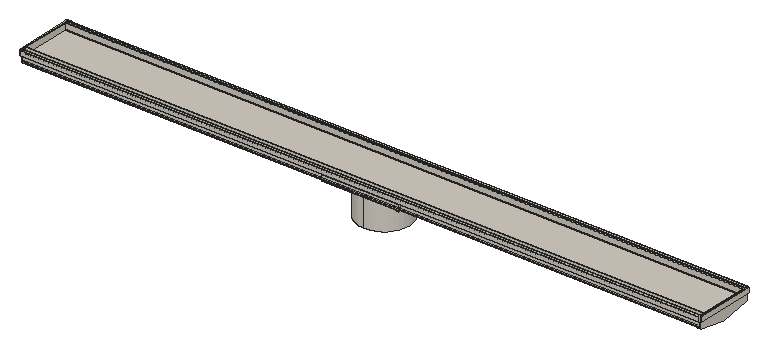
Revit family "Drain_Channel_Nero_TileInsert_89mmOutlet", category Plumbing Fixtures, Revit 2022
Family settings
  Round Connector Dimension = Use Diameter
  Part Type = Normal
  OmniClass Number = 23.31.11.00
  OmniClass Title = Faucets
  Work Plane-Based = No
  Always vertical = Yes
  Cut with Voids When Loaded = Yes
  Maintain Annotation Orientation = No
  Shared = No
  Room Calculation Point = No
Parameters (values of type "Brushed Nickel (NRFG005HSBN)")
  Waste Connection = no
  WFU = 0
  Vent Connection = no
  Uniclass2015Version = "Products v1.35"
  Uniclass2015Title = "Drainage channels with gratings"
  Uniclass2015Code = "Pr_65_52_24_24"
  URL = "https://nerotapware.com.au/"
  Type Comments = "Drain - Channel - 89mm Outlet - Brushed Nickel"
  ModifiedIssue = 20251105
  Model = "NRFG005HSBN"
  Material = Metal_Nickel_Nero_Brushed
  ManufacturerURLProductSpecific = "https://nerotapware.com.au/product/tile-insert-v-channel-1200mm-floor-grate-89mm-outlet-with-hole-saw-brushed-nickel-nrfg005hsbn/"
  ManufacturerSpecCode = "NRFG005HSBN"
  ManufacturerOverallWidth = 1200 mm
  ManufacturerOverallHeight = 76 mm
  ManufacturerOverallDepth = 106 mm
  Manufacturer = "Nero"
  IfcExportType = "USERDEFINED"
  IfcExportAs = "IfcFurnitureType"
  HWFU = 0
  HW Connection = yes
  Description = "Tile Insert V Channel 1200mm Floor Grate 89mm Outlet With Hole Saw Brushed Nickel"
  Default Elevation = 0 mm
  CreatedByURL = "https://igsgroup.com.au"
  CreatedBy = "IGS BIM Solutions"  # constant formula
  CWFU = 0
  CW Connection = yes
  Assembly Code = "D2010"
Types (10, lengths in mm): name | Type Comments | Model | Material | ManufacturerURLProductSpecific | ManufacturerSpecCode | ManufacturerOverallWidth | Description
  Brushed Gold (NRFG005HSBG) | "Drain - Channel - 89mm Outlet - Brushed Gold" | "NRFG005HSBG" | Metal_Gold_Nero_Brushed | "https://nerotapware.com.au/product/tile-insert-v-channel-1200mm-floor-grate-89mm-outlet-with-hole-saw-brushed-gold-nrfg005hsbg/" | "NRFG005HSBG" | 1200 | "Tile Insert V Channel 1200mm Floor Grate 89mm Outlet With Hole Saw Brushed Gold"
  Matte Black (NRFG005HSMB) | "Drain - Channel - 89mm Outlet - Matte Black" | "NRFG005HSMB" | Metal_MatteBlack_Nero | "https://nerotapware.com.au/product/tile-insert-v-channel-1200mm-floor-grate-89mm-outlet-with-hole-saw-matte-black-nrfg005hsmb/" | "NRFG005HSMB" | 1200 | "Tile Insert V Channel 1200mm Floor Grate 89mm Outlet With Hole Saw Matte Black"
  Brushed Nickel (NRFG005HSBN) | "Drain - Channel - 89mm Outlet - Brushed Nickel" | "NRFG005HSBN" | Metal_Nickel_Nero_Brushed | "https://nerotapware.com.au/product/tile-insert-v-channel-1200mm-floor-grate-89mm-outlet-with-hole-saw-brushed-nickel-nrfg005hsbn/" | "NRFG005HSBN" | 1200 | "Tile Insert V Channel 1200mm Floor Grate 89mm Outlet With Hole Saw Brushed Nickel"
  Brushed Bronze (NRFG005HSBZ) | "Drain - Channel - 89mm Outlet - Brushed Bronze" | "NRFG005HSBZ" | Metal_Bronze_Nero_Brushed | "https://nerotapware.com.au/product/tile-insert-v-channel-1200mm-floor-grate-89mm-outlet-with-hole-saw-brushed-bronze-nrfg005hsbz/" | "NRFG005HSBZ" | 1200 | "Tile Insert V Channel 1200mm Floor Grate 89mm Outlet With Hole Saw Brushed Bronze"
  Gunmetal (NRFG005HSGM) | "Drain - Channel - 89mm Outlet - Gunmetal" | "NRFG005HSGM" | Metal_GunMetal_Nero | "https://nerotapware.com.au/product/tile-insert-v-channel-1200mm-floor-grate-89mm-outlet-with-hole-saw-gun-metal-nrfg005hsgm/" | "NRFG005HSGM" | 1200 | "Tile Insert V Channel 1200mm Floor Grate 89mm Outlet With Hole Saw Gun Metal"
  Brushed Nickel (NRFG004HSBN) | "Drain - Channel - 89mm Outlet - Brushed Nickel" | "NRFG004HSBN" | Metal_Nickel_Nero_Brushed | "https://nerotapware.com.au/product/tile-insert-v-channel-600mm-floor-grate-89mm-outlet-with-hole-saw-brushed-nickel-nrfg004hsbn/" | "NRFG004HSBN" | 600 | "Tile Insert V Channel 600mm Floor Grate 89mm Outlet With Hole Saw Brushed Nickel"
  Brushed Bronze (NRFG004HSBZ) | "Drain - Channel - 89mm Outlet - Brushed Bronze" | "NRFG004HSBZ" | Metal_Bronze_Nero_Brushed | "https://nerotapware.com.au/product/tile-insert-v-channel-600mm-floor-grate-89mm-outlet-with-hole-saw-brushed-bronze-nrfg004hsbz/" | "NRFG004HSBZ" | 600 | "Tile Insert V Channel 600mm Floor Grate 89mm Outlet With Hole Saw Brushed Bronze"
  Brushed Gold (NRFG004HSBG) | "Drain - Channel - 89mm Outlet - Brushed Gold" | "NRFG004HSBG" | Metal_Gold_Nero_Brushed | "https://nerotapware.com.au/product/tile-insert-v-channel-600mm-floor-grate-89mm-outlet-with-hole-saw-brushed-gold-nrfg004hsbg/" | "NRFG004HSBG" | 600 | "Tile Insert V Channel 600mm Floor Grate 89mm Outlet With Hole Saw Brushed Gold"
  Matte Black (NRFG004HSMB) | "Drain - Channel - 89mm Outlet - Matte Black" | "NRFG004HSMB" | Metal_MatteBlack_Nero | "https://nerotapware.com.au/product/tile-insert-v-channel-600mm-floor-grate-89mm-outlet-with-hole-saw-matte-black-nrfg004hsmb/" | "NRFG004HSMB" | 600 | "Tile Insert V Channel 600mm Floor Grate 89mm Outlet With Hole Saw Matte Black"
  Gunmetal (NRFG004HSGM) | "Drain - Channel - 89mm Outlet - Gunmetal" | "NRFG004HSGM" | Metal_GunMetal_Nero | "https://nerotapware.com.au/product/tile-insert-v-channel-600mm-floor-grate-89mm-outlet-with-hole-saw-gun-metal-nrfg004hsgm/" | "NRFG004HSGM" | 600 | "Tile Insert V Channel 600mm Floor Grate 89mm Outlet With Hole Saw Gun Metal"
Reference planes
  plane 1 "Bottom": z = -76
  plane 2 "Ref. Level": z = 0
  plane 3 "Right": x = 636.665
  plane 4 "Left": x = -563.335
  plane 5 "Center (Front/Back)": y = 73.462
  plane 6 "Back": y = 126.462
  plane 7 "Center (Left/Right)": x = 36.665
  plane 8 "Top": z = 0
  plane 9 "Front": y = 20.462
  plane 10 "LeftOffset": x = -560.335
  plane 11 "RightOffset": x = 633.665
Forms (mm)
  Extrusion 1, void
    sketch origin (0, 0, 0) x (0, 1, 0) y (-1, 0, 0)
      loop
        line (126.462, 563.335) -> (20.462, 563.335) -> (20.462, -636.665) -> (126.462, -636.665) -> (126.462, 563.335)
    from -76 to 0
  Extrusion 2, solid, material "Metal_Nickel_Nero_Brushed" <- "Material"
    sketch origin (-636.066, 73.462, 1185) x (-1, 0, 0) y (0, 0, -1)
      loop
        line (-1272.731, 1194.5) -> (-1272.731, 1186.5)
        arc (-1272.731, 1186.5) -> (-1271.231, 1185) -> (-1269.731, 1186.5) r 1.5
        line (-1269.731, 1186.5) -> (-1269.731, 1218.618) -> (-1270.931, 1218.618) -> (-1270.931, 1186.5)
        arc (-1270.931, 1186.5) -> (-1271.231, 1186.2) -> (-1271.531, 1186.5) r 0.3
        line (-1271.531, 1186.5) -> (-1271.531, 1194.5) -> (-1272.731, 1194.5)
      loop
        line (-72.731, 1194.5) -> (-73.931, 1194.5) -> (-73.931, 1186.5)
        arc (-73.931, 1186.5) -> (-74.231, 1186.2) -> (-74.531, 1186.5) r 0.3
        line (-74.531, 1186.5) -> (-74.531, 1218.618) -> (-75.731, 1218.618) -> (-75.731, 1186.5)
        arc (-75.731, 1186.5) -> (-74.231, 1185) -> (-72.731, 1186.5) r 1.5
        line (-72.731, 1186.5) -> (-72.731, 1194.5)
    from -53 to 53
  Extrusion 3, solid, material "Metal_Nickel_Nero_Brushed" <- "Material"
    sketch origin (36.665, 85, -47.5) x (0, 1, 0) y (0, 0, 1)
      loop
        line (39.178, 26.037) -> (-11.538, 16.178) -> (-62.254, 26.037)
        arc (-62.254, 26.037) -> (-62.637, 26.265) -> (-62.788, 26.684) r 0.66
        line (-62.788, 26.684) -> (-62.788, 35.262) -> (-63.988, 35.262) -> (-63.988, 26.526)
        arc (-63.988, 26.526) -> (-63.607, 25.465) -> (-62.638, 24.889) r 1.668
        line (-62.638, 24.889) -> (-12.006, 15.047)
        arc (-12.006, 15.047) -> (-11.538, 15.002) -> (-11.069, 15.047) r 2.455
        line (-11.069, 15.047) -> (39.563, 24.889)
        arc (39.563, 24.889) -> (40.531, 25.465) -> (40.912, 26.526) r 1.668
        line (40.912, 26.526) -> (40.912, 35.262) -> (39.712, 35.262) -> (39.712, 26.684)
        arc (39.712, 26.684) -> (39.562, 26.265) -> (39.178, 26.037) r 0.66
    from -67.5 to 67.5
  Revolve 4, solid, material "Metal_Nickel_Nero_Brushed" <- "Material"
    sketch origin (36.665, 85, -47.5) x (0, 1, 0) y (0, 0, 1)
      loop
        line (-11.538, 25.093) -> (-11.538, -28.5) -> (32.962, -28.5) -> (32.962, 25.093) -> (-11.538, 25.093)
      axis (-11.538, -28.5) -> (-11.538, 25.093)
    angle from 0 to 360
  Extrusion 5, void
    sketch origin (-563.335, 0, 0) x (0, 1, 0) y (0, 0, -1)
      loop
        line (20.462, 0) -> (22.267, 0) -> (22.267, 19.902)
        arc (22.267, 19.902) -> (22.658, 20.993) -> (23.653, 21.586) r 1.717
        line (23.653, 21.586) -> (72.887, 31.238)
        arc (72.887, 31.238) -> (73.462, 31.294) -> (74.037, 31.238) r 2.99
        line (74.037, 31.238) -> (123.271, 21.586)
        arc (123.271, 21.586) -> (124.267, 20.993) -> (124.658, 19.902) r 1.717
        line (124.658, 19.902) -> (124.658, 0) -> (126.462, 0) -> (126.462, 33.618) -> (20.462, 33.618) -> (20.462, 0)
    from 2 to -5
  Extrusion 6, void
    sketch origin (636.665, 0, 0) x (0, 1, 0) y (0, 0, 1)
      loop
        line (126.462, -33.618) -> (126.462, 0) -> (124.658, 0) -> (124.658, -19.902)
        arc (124.658, -19.902) -> (124.267, -20.993) -> (123.271, -21.586) r 1.717
        line (123.271, -21.586) -> (74.037, -31.238)
        arc (74.037, -31.238) -> (73.462, -31.294) -> (72.887, -31.238) r 2.99
        line (72.887, -31.238) -> (23.653, -21.586)
        arc (23.653, -21.586) -> (22.658, -20.993) -> (22.267, -19.902) r 1.717
        line (22.267, -19.902) -> (22.267, 0) -> (20.462, 0) -> (20.462, -33.618) -> (126.462, -33.618)
    from 2 to -5
  Extrusion 7, solid, material "Metal_Nickel_Nero_Brushed" <- "Material"
    sketch origin (36.665, 85, -47.5) x (0, 1, 0) y (0, 0, 1)
      loop
        arc (31.762, 37.7) -> (31.469, 36.993) -> (30.762, 36.7) r 1
        line (30.762, 36.7) -> (-53.838, 36.7)
        arc (-53.838, 36.7) -> (-54.545, 36.993) -> (-54.838, 37.7) r 1
        line (-54.838, 37.7) -> (-54.838, 47.5) -> (-56.038, 47.5) -> (-56.038, 37.7)
        arc (-56.038, 37.7) -> (-55.425, 36.176) -> (-53.926, 35.502) r 2.2
        line (-53.926, 35.502) -> (-60.445, 27.752) -> (-59.495, 27.023) -> (-53.362, 34.3) -> (30.286, 34.3) -> (36.42, 27.023) -> (37.369, 27.752) -> (30.851, 35.502)
        arc (30.851, 35.502) -> (32.349, 36.176) -> (32.962, 37.7) r 2.2
        line (32.962, 37.7) -> (32.962, 47.5) -> (31.762, 47.5) -> (31.762, 37.7)
    from -597 to 597
  Extrusion 8, solid, material "Metal_Nickel_Nero_Brushed" <- "Material"
    sketch origin (36.665, 85, -47.5) x (0, 1, 0) y (0, 0, 1)
      loop
        line (38.455, 46.006) -> (38.455, 27.683)
        arc (38.455, 27.683) -> (38.312, 27.285) -> (37.948, 27.068) r 0.627
        line (37.948, 27.068) -> (-10.45, 17.586)
        arc (-10.45, 17.586) -> (-11.538, 17.48) -> (-12.625, 17.586) r 5.656
        line (-12.625, 17.586) -> (-61.024, 27.068)
        arc (-61.024, 27.068) -> (-61.387, 27.285) -> (-61.53, 27.683) r 0.627
        line (-61.53, 27.683) -> (-61.53, 46.006)
        arc (-61.53, 46.006) -> (-63.034, 47.509) -> (-64.538, 46.006) r 1.504
        line (-64.538, 46.006) -> (-64.538, 38) -> (-63.338, 38) -> (-63.338, 46.007)
        arc (-63.338, 46.007) -> (-63.036, 46.309) -> (-62.733, 46.007) r 0.302
        line (-62.733, 46.007) -> (-62.733, 27.598)
        arc (-62.733, 27.598) -> (-62.342, 26.507) -> (-61.347, 25.914) r 1.717
        line (-61.347, 25.914) -> (-12.113, 16.262)
        arc (-12.113, 16.262) -> (-11.538, 16.206) -> (-10.963, 16.262) r 2.99
        line (-10.963, 16.262) -> (38.271, 25.914)
        arc (38.271, 25.914) -> (39.267, 26.507) -> (39.658, 27.598) r 1.717
        line (39.658, 27.598) -> (39.658, 46.007)
        arc (39.658, 46.007) -> (39.96, 46.309) -> (40.262, 46.007) r 0.302
        line (40.262, 46.007) -> (40.262, 38) -> (41.462, 38) -> (41.462, 46.006)
        arc (41.462, 46.006) -> (39.959, 47.509) -> (38.455, 46.006) r 1.504
    from -597 to 597
Cuts and joins
  Extrusion 5, Extrusion 6 cuts Extrusion 2
Lines and regions (mm)
  Masking region 1
    outline origin (0, 0, 0) x (0, 1, 0) y (-1, 0, 0)
      loop
        line (124.658, 563.335) -> (22.267, 563.335) -> (22.267, 560.335) -> (20.462, 560.335) -> (20.462, -633.665) -> (22.267, -633.665) -> (22.267, -636.665) -> (124.658, -636.665) -> (124.658, -633.665) -> (126.462, -633.665) -> (126.462, 560.335) -> (124.658, 560.335) -> (124.658, 563.335)
  symbolic lines, style "Waste Outlets", detail levels medium+fine
    curve 1: line (-560.335, 123.455, 0) -> (-560.335, 23.47, 0)
    curve 2: line (-560.335, 23.47, 0) -> (633.665, 23.47, 0)
    curve 3: line (633.665, 24.555, 0) -> (-560.335, 24.555, 0)
    curve 4: line (-560.335, 28.962, 0) -> (633.665, 28.962, 0)
    curve 5: line (633.665, 30.162, 0) -> (-560.335, 30.162, 0)
    curve 6: line (-560.335, 116.762, 0) -> (633.665, 116.762, 0)
    curve 7: line (633.665, 117.962, 0) -> (-560.335, 117.962, 0)
    curve 8: line (-560.335, 122.369, 0) -> (633.665, 122.369, 0)
    curve 9: line (633.665, 123.455, 0) -> (-560.335, 123.455, 0)
    curve 10: line (633.665, 23.47, 0) -> (633.665, 123.455, 0)
    curve 11: line (-560.335, 123.455, 0) -> (-560.335, 124.658, 0)
    curve 12: line (-560.335, 23.47, 0) -> (-560.335, 22.267, 0)
    curve 13: line (633.665, 23.47, 0) -> (633.665, 22.267, 0)
    curve 14: line (633.665, 123.455, 0) -> (633.665, 124.658, 0)
Text (mm)
  text "Disclaimer:\nDue to ongoing product development and manufacturing evolution, product details are subject to change without notice. Please refer to product technical data sheets on the manufacturers website for the most current product information. Please allow a +/- 5mm manufacturing tolerance for dimensions and set-outs shown in product literature." at (749.68, 240.668, 0), in view "Ref. Level"
Dimensions and locks
  "ManufacturerOverallWidth": plane 4 "Left" to plane 3 "Right"
  "ManufacturerOverallDepth": plane 9 "Front" to plane 6 "Back"
  equal spacing: plane 4 "Left", plane 7 "Center (Left/Right)", plane 3 "Right"
  equal spacing: plane 9 "Front", plane 5 "Center (Front/Back)", plane 6 "Back"
  "ManufacturerOverallHeight": plane 8 "Top" to plane 1 "Bottom"
  locked: plane 4 "Left" to plane 10 "LeftOffset" at 3
  locked: plane 11 "RightOffset" to plane 3 "Right" at 3
  aligned and locked: plane 9 "Front" to Extrusion 1
  aligned and locked: Extrusion 1 to plane 6 "Back"
  aligned and locked: plane 4 "Left" to Extrusion 1
  aligned and locked: plane 3 "Right" to Extrusion 1
  aligned and locked: plane 10 "LeftOffset" to Extrusion 7
  aligned and locked: plane 10 "LeftOffset" to Extrusion 8
  aligned and locked: plane 11 "RightOffset" to Extrusion 7
  aligned and locked: plane 11 "RightOffset" to Extrusion 8
Automatic sketch dimensions
  Extrusion 2 sketch curve to Extrusion 2 sketch curve = 0 mm  (x4)
  Extrusion 2 sketch curve to plane 3 "Right" = 0 mm
  plane 4 "Left" to Extrusion 2 sketch curve = 0 mm
  Extrusion 2 sketch curve to Extrusion 2 sketch curve = 1.2 mm  (x2)
  Extrusion 2 sketch curve to Extrusion 2 sketch curve = 0.3 mm
  Extrusion 2 sketch curve to plane 4 "Left" = 3 mm
  Extrusion 2 sketch curve to level = 1.5 mm  (x2)
  Extrusion 2 sketch curve to Extrusion 2 sketch curve = 8 mm  (x2)
  Extrusion 2 sketch curve to Extrusion 2 sketch curve = 24.118 mm  (x2)
  Extrusion 3 sketch curve to plane 5 "Center (Front/Back)" = 0 mm  (x2)
  plane 5 "Center (Front/Back)" to Extrusion 3 sketch curve = 0.468 mm
  Extrusion 3 sketch curve to plane 9 "Front" = 2.41 mm
  Extrusion 3 sketch curve to Extrusion 3 sketch curve = 0.126 mm  (x2)
  Extrusion 3 sketch curve to Extrusion 3 sketch curve = 0.192 mm  (x2)
  Extrusion 3 sketch curve to Extrusion 3 sketch curve = 0.384 mm  (x2)
  Extrusion 3 sketch curve to plane 9 "Front" = 1.75 mm
  Extrusion 3 sketch curve to plane 9 "Front" = 0.55 mm
  Extrusion 3 sketch curve to plane 5 "Center (Front/Back)" = 0.468 mm
  plane 6 "Back" to Extrusion 3 sketch curve = 2.41 mm
  plane 6 "Back" to Extrusion 3 sketch curve = 1.75 mm
  plane 6 "Back" to Extrusion 3 sketch curve = 0.55 mm
  Extrusion 3 sketch curve to level = 32.453 mm
  Extrusion 3 sketch curve to Extrusion 3 sketch curve = 1.131 mm
  Extrusion 3 sketch curve to Extrusion 3 sketch curve = 1.279 mm
  Extrusion 3 sketch curve to level = 22.611 mm  (x2)
  Extrusion 3 sketch curve to Extrusion 3 sketch curve = 0.49 mm  (x2)
  Extrusion 3 sketch curve to Extrusion 3 sketch curve = 8.577 mm  (x2)
  Revolve 4 sketch curve to plane 5 "Center (Front/Back)" = 0 mm  (x2)
  Revolve 4 sketch curve to plane 1 "Bottom" = 0 mm
  plane 6 "Back" to Revolve 4 sketch curve = 8.5 mm
  Revolve 4 sketch curve to level = 22.407 mm
  plane 1 "Bottom" to Revolve 4 sketch curve = 5 mm
  Revolve 4 sketch curve to Revolve 4 sketch curve = 16.731 mm
  Extrusion 5 sketch curve to level = 0 mm
  Extrusion 5 sketch curve to plane 9 "Front" = 0 mm
  plane 6 "Back" to Extrusion 5 sketch curve = 0 mm
  plane 9 "Front" to Extrusion 6 sketch curve = 0 mm
  plane 6 "Back" to Extrusion 6 sketch curve = 0 mm
  Extrusion 5 sketch curve to plane 5 "Center (Front/Back)" = 0.575 mm
  Extrusion 5 sketch curve to plane 5 "Center (Front/Back)" = 0 mm
  Extrusion 5 sketch curve to Extrusion 5 sketch curve = 2.934 mm
  plane 5 "Center (Front/Back)" to Extrusion 5 sketch curve = 0.575 mm
  level to Extrusion 5 sketch curve = 0 mm
  level to Extrusion 5 sketch curve = 33.618 mm
  Extrusion 5 sketch curve to plane 6 "Back" = 3.521 mm
  Extrusion 5 sketch curve to Extrusion 5 sketch curve = 0.33 mm
  Extrusion 5 sketch curve to Extrusion 5 sketch curve = 1.717 mm  (x2)
  Extrusion 5 sketch curve to Extrusion 5 sketch curve = 12.031 mm  (x2)
  level to Extrusion 5 sketch curve = 31.238 mm
  Extrusion 5 sketch curve to Extrusion 5 sketch curve = 1.387 mm
  plane 9 "Front" to Extrusion 5 sketch curve = 1.804 mm
  Extrusion 6 sketch curve to Extrusion 6 sketch curve = 1.717 mm
  Extrusion 6 sketch curve to level = 0 mm  (x2)
  plane 5 "Center (Front/Back)" to Extrusion 6 sketch curve = 0.575 mm
  Extrusion 6 sketch curve to plane 9 "Front" = 1.804 mm
  Extrusion 6 sketch curve to Extrusion 6 sketch curve = 0.33 mm  (x2)
  Extrusion 6 sketch curve to level = 21.586 mm
  Extrusion 6 sketch curve to Extrusion 6 sketch curve = 12.031 mm  (x2)
  Extrusion 6 sketch curve to level = 31.238 mm
  Extrusion 6 sketch curve to plane 5 "Center (Front/Back)" = 0.575 mm
  Extrusion 6 sketch curve to Extrusion 6 sketch curve = 0 mm
  plane 6 "Back" to Extrusion 6 sketch curve = 3.521 mm
  plane 6 "Back" to Extrusion 6 sketch curve = 1.804 mm
  Extrusion 6 sketch curve to Extrusion 6 sketch curve = 2.934 mm
  Extrusion 7 sketch curve to Extrusion 7 sketch curve = 0 mm  (x4)
  Extrusion 7 sketch curve to level = 0 mm  (x2)
  Extrusion 7 sketch curve to plane 9 "Front" = 4.093 mm
  Extrusion 7 sketch curve to Extrusion 7 sketch curve = 0.949 mm  (x2)
  Extrusion 7 sketch curve to plane 9 "Front" = 8.5 mm
  Extrusion 7 sketch curve to Extrusion 7 sketch curve = 1.2 mm  (x2)
  Extrusion 7 sketch curve to Extrusion 7 sketch curve = 0.911 mm
  Extrusion 7 sketch curve to Extrusion 7 sketch curve = 1 mm
  Extrusion 7 sketch curve to Extrusion 7 sketch curve = 0.564 mm
  plane 6 "Back" to Extrusion 7 sketch curve = 11.176 mm
  Extrusion 7 sketch curve to Extrusion 7 sketch curve = 0.476 mm
  Extrusion 7 sketch curve to Extrusion 7 sketch curve = 0.089 mm
  plane 6 "Back" to Extrusion 7 sketch curve = 9.7 mm
  plane 6 "Back" to Extrusion 7 sketch curve = 5.042 mm
  Extrusion 7 sketch curve to level = 9.8 mm
  Extrusion 7 sketch curve to Extrusion 7 sketch curve = 1.202 mm
  Extrusion 7 sketch curve to Extrusion 7 sketch curve = 6.548 mm  (x2)
  Extrusion 7 sketch curve to Extrusion 7 sketch curve = 0.73 mm  (x2)
  Extrusion 8 sketch curve to plane 5 "Center (Front/Back)" = 0 mm  (x2)
  plane 5 "Center (Front/Back)" to Extrusion 8 sketch curve = 0.575 mm
  plane 5 "Center (Front/Back)" to Extrusion 8 sketch curve = 1.087 mm
  Extrusion 8 sketch curve to plane 9 "Front" = 3.635 mm
  Extrusion 8 sketch curve to Extrusion 8 sketch curve = 0.113 mm  (x2)
  Extrusion 8 sketch curve to Extrusion 8 sketch curve = 0.007 mm  (x2)
  Extrusion 8 sketch curve to Extrusion 8 sketch curve = 0.323 mm  (x2)
  Extrusion 8 sketch curve to Extrusion 8 sketch curve = 0.514 mm  (x2)
  Extrusion 8 sketch curve to Extrusion 8 sketch curve = 1.203 mm  (x2)
  Extrusion 8 sketch curve to Extrusion 8 sketch curve = 0.301 mm  (x2)
  Extrusion 8 sketch curve to Extrusion 8 sketch curve = 0.001 mm  (x4)
  Extrusion 8 sketch curve to plane 5 "Center (Front/Back)" = 0.575 mm
  Extrusion 8 sketch curve to plane 5 "Center (Front/Back)" = 1.087 mm
  plane 6 "Back" to Extrusion 8 sketch curve = 3.635 mm
  Extrusion 8 sketch curve to level = 31.238 mm
  Extrusion 8 sketch curve to Extrusion 8 sketch curve = 1.324 mm
  Extrusion 8 sketch curve to Extrusion 8 sketch curve = 1.61 mm
  Extrusion 8 sketch curve to Extrusion 8 sketch curve = 3.94 mm
  Extrusion 8 sketch curve to level = 21.586 mm  (x2)
  Extrusion 8 sketch curve to Extrusion 8 sketch curve = 0.531 mm  (x2)
  Extrusion 8 sketch curve to level = 9.5 mm  (x2)
  Extrusion 8 sketch curve to level = 1.494 mm  (x2)
  Extrusion 1 sketch curve to plane 4 "Left" = 0 mm
  plane 9 "Front" to Extrusion 1 sketch curve = 0 mm
  plane 6 "Back" to Extrusion 1 sketch curve = 0 mm
  Extrusion 1 sketch curve to plane 3 "Right" = 0 mm
  Masking region 1 sketch curve to plane 10 "LeftOffset" = 0 mm  (x2)
  Masking region 1 sketch curve to plane 11 "RightOffset" = 0 mm  (x2)
  Masking region 1 sketch curve to plane 4 "Left" = 0 mm
  Masking region 1 sketch curve to plane 3 "Right" = 0 mm
  plane 9 "Front" to Masking region 1 sketch curve = 0 mm
  Masking region 1 sketch curve to plane 9 "Front" = 1.804 mm  (x2)
  plane 6 "Back" to Masking region 1 sketch curve = 1.804 mm  (x2)
  Masking region 1 sketch curve to plane 6 "Back" = 0 mm
  curve 12 to plane 10 "LeftOffset" = 0 mm
  curve 14 to plane 11 "RightOffset" = 0 mm
  curve 2 to plane 9 "Front" = 3.007 mm
  plane 6 "Back" to curve 9 = 3.007 mm
  curve 13 to curve 2 = 1.203 mm
  curve 12 to curve 1 = 1.203 mm
  curve 2 to curve 3 = 1.086 mm
  curve 3 to curve 4 = 4.407 mm
  curve 4 to curve 5 = 1.2 mm
  curve 6 to curve 9 = 6.693 mm
  curve 6 to curve 7 = 1.2 mm
  curve 8 to curve 9 = 1.086 mm
  curve 9 to curve 14 = 1.203 mm
  curve 1 to curve 11 = 1.203 mm
Connectors
  piping at (36.665, 73.462, -76), diameter 89
    settings: on Revolve 4, index 1, connector inside diameter 609.6 mm, connector length 0 mm, flow factor 0, pipe flow 0.0 L/s, pressure drop 0.0 Pa, fitting loss kfactor 0, connector angle 0.00°, fixture units 0, engagement length 0 mm, angle of deflection 0.00°, flow configuration 2, flow direction 2, fitting loss method 4, system type 16, joint type 0, gender type 0, connector reference index -1, connector utility 1, adjustable connector no, is connector primary yes, connector description "Waste Outlet"
